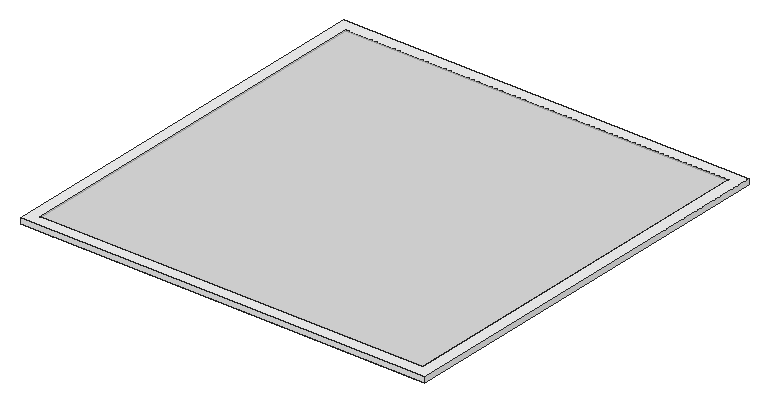
Revit family "0044656", category Lighting Fixtures, host Face, Revit 2023
Family settings
  Host = Face
  Round Connector Dimension = Use Diameter
  Part Type = Normal
  OmniClass Number = 23.80.70.00
  OmniClass Title = Lighting
  Cut with Voids When Loaded = No
  Light Source = Yes
  Maintain Annotation Orientation = No
  Shared = No
  Room Calculation Point = No
Parameters (values of type "START PANEL UGR19 600X600 3800 830")
  Weight = "1.902"
  Wattage Comments = ""
  Wattage = 30 W
  WarrantyStartDate [instance] = "n/a"
  WarrantyGuarantorParts = "n/a"
  WarrantyDurationUnit = "Years"
  WarrantyDurationParts = "5"
  WarrantyDescription = "http://www.sylvania-group.com"
  built-in parameter 1150110 = 1 (stored number, unit not read)
  Voltage = 230 V
  URL = "http://www.sylvania-group.com"
  TypeName = "START Panel IP40 UGR19 600x600"
  Type Image = <None>
  Type IFC Predefined Type = "IfcLightFixtureType"
  Type Comments = "n/a"
  built-in parameter 1114217 = 1 (stored number, unit not read)
  Tilt Angle = -90.00°
  built-in parameter 1150109 = 1 (stored number, unit not read)
  built-in parameter 1150134 = (empty or 0)
  built-in parameter 1150113 = 1 (stored number, unit not read)
  SerialNumber [instance] = "n/a"
  Photometric Web File = "0044656.IES"
  Material_3_SYL = none
  PowerFactor = 0.9
  PowerConsumption = "30 W"
  NominalLength = 595 mm
  NominalHeight = 25 mm
  NominalDepth = 595 mm
  Name = "START PANEL UGR19 600X600 3800 830"
  ModelReference = Name  # "START PANEL UGR19 600X600 3800 830"
  ModelNumber = "0044656"
  Model = Name  # "START PANEL UGR19 600X600 3800 830"
  Material = "Steel"
  ManufacturerName = Manufacturer  # "Feilo Sylvania"
  Manufacturer = "Feilo Sylvania"
  LuminousEfficacy = "127 lm/W"
  built-in parameter 1150105 = 303.19 (stored number, unit not read)
  Lumens = 3810 lm
  LuminaireType = "Ceiling recessed mounting,Suspended"
  built-in parameter 1150115 = 1 (stored number, unit not read)
  LightOutputRatio = ""
  built-in parameter 1150137 = (empty or 0)
  built-in parameter 1150139 = (empty or 0)
  LampsType = Lamp  # "LED"
  LampNominalLuminous = "3800"
  LampMacAdamStep = "3"
  LampColourTemperature = "3000 K"
  LampColourRenderingIndex = "80"
  built-in parameter 1150112 = 1 (stored number, unit not read)
  built-in parameter 1150114 = 1 (stored number, unit not read)
  Lamp = "LED"
  Keynote = "16500"
  InstallationDate [instance] = "n/a"
  InputVoltage = "220-240 V"
  InputNominalFrequency = "50/60Hz"
  built-in parameter 1150132 = (empty or 0)
  built-in parameter 1150102 = (empty or 0)
  built-in parameter 1150107 = 3000 (stored number, unit not read)
  built-in parameter 1150138 = (empty or 0)
  IngressProtection = "IP40/20"
  ImpactProtectionIndex = "IK03"
  built-in parameter 1150106 = 3.0319 (stored number, unit not read)
  IfcExportType = "IfcLightFixtureType"
  IfcExportAs = "IfcLightFixtureType"
  Export Type to IFC As = "IfcLightFixtureType"
  Emit from Rectangle Width = 563 mm  # constant formula
  Emit from Rectangle Length = 563 mm  # constant formula
  Emit Shape Visible in Rendering = no
  EmergencyLight = no
  ElectricShockClassification = "Class II"
  built-in parameter 1150104 = 11.799 (stored number, unit not read)
  DocumentationLiterature = "https://www.sylvania-lighting.com/product/en-int/products/item code/0044656/"
  DimmingControlOptions = "Switched"
  Material_2_SYL = Polystyrene_3000K
  Dimming Lamp Color Temperature Shift = <None>
  Description = "LED Panel with backlit technology, ideal for general indoor lighting applications such as breakout areas, offices and meeting rooms. Extruded aluminium frame, passive cooling. Low glaring UGR<19. RG0, 90 degree beam angle , optical system: PS diffuser with Prismatic finish. Light color temperature: 3000K Warm White, total system power: 30W , total fixture output: 3800lm, efficacy: 127 lm/W, Ra80 typical, LED chromacity: 3 step MacAdam ellipse (SDCM3), lifespan: 100,000 hours at 70% of the original output (L70B50), IR/UV free light source without heat radiation, operating voltage: 220-240V / 50-60Hz, low flicker, non dimmable driver, electrical protection: Class II. Degree of Protection: IP40/IP20, suitable for indoor environment only. Nominal size: 595x595mm, Loop in / loop out wiring, saftey cables & quick connector included, 26mm nominal height, White color frame, weight: 1,87Kg."
  Default Elevation = 1219.2 mm
  CreatedOn = "11/10/2024"
  CreatedBy = "petra.pavlicz@sylvania-lighting.com"
  Cost = 0
  Color Filter = 16777215
  built-in parameter 1114216 [instance] = (empty or 0)
  ClassificationValue = "EF_70_80"
  ClassificationName = "Uniclass2015"
  Material_1_SYL = Steel_RAL9003_White
  BarCode [instance] = "n/a"
  built-in parameter 1114218 = 1 (stored number, unit not read)
  built-in parameter 1150133 = 10 (stored number, unit not read)
  AssetType = "Fixed"
  AssetIdentifier [instance] = "n/a"
  Assembly Code = "D5020200"
  Material_4_SYL = none
  Apparent Load = 33.3 VA
Reference planes
  plane 1 "Center (Front/Back)": y = 0
  plane 2: z = 0
  plane 3 "Center (Left/Right)": x = 0
  plane 4 "Back": y = 297.5
  plane 5 "Front": y = -297.5
  plane 6 "Left": x = -297.5
  plane 7 "Right": x = 297.5
  plane 8 "Top": z = 8
  plane 9 "Bottom": z = -17
  plane 10: x = 264.5
  plane 11: x = -281.428
  plane 12: y = 281.543
  plane 13: y = -281.457
  plane 14: y = -273.457
  plane 15: y = 273.543
  plane 16: x = -273.41
  plane 17: x = 273.572
  plane 18: x = 281.572
  plane 19: y = 266.543
  plane 20: x = -267.428
  plane 21: y = -266.457
  plane 22: x = 266.572
Forms (mm)
  Extrusion 1, solid, material "Steel_RAL9003_White" <- "Material_1_SYL", detail levels medium+fine
    sketch origin (0.072, 0.043, 0) x (1, 0, 0) y (0, 1, 0)
      loop
        line (-297.572, 297.457) -> (-297.572, -297.543) -> (297.428, -297.543) -> (297.428, 297.457) -> (-297.572, 297.457)
    from 0 to 8
  Extrusion 2, void
    sketch origin (0.072, 0.043, 0) x (1, 0, 0) y (0, 1, 0)
      loop
        line (-281.5, 281.5) -> (-281.5, -281.5) -> (281.5, -281.5) -> (281.5, 281.5) -> (-281.5, 281.5)
    from 8 to 6.494
  Extrusion 3, solid, material "Polystyrene_3000K" <- "Material_2_SYL", detail levels medium+fine
    sketch origin (0.072, 0.043, 0) x (1, 0, 0) y (0, 1, 0)
      loop
        line (-281.5, 281.5) -> (-281.5, -281.5) -> (281.5, -281.5) -> (281.5, 281.5) -> (-281.5, 281.5)
    from 8 to 6.494
  Extrusion 4, solid, material "Steel_RAL9003_White" <- "Material_1_SYL", detail levels coarse
    sketch origin (0.072, 0.043, 0) x (1, 0, 0) y (0, 0, 1)
      loop
        line (-297.572, 8) -> (-297.572, -17) -> (297.428, -17) -> (297.428, 8) -> (-297.572, 8)
    from -297.457 to 297.543
  Extrusion 5, void
    sketch origin (0.072, 0.043, 0) x (1, 0, 0) y (0, 1, 0)
      loop
        line (-281.5, 281.5) -> (-281.5, -281.5) -> (281.5, -281.5) -> (281.5, 281.5) -> (-281.5, 281.5)
    from 8 to 6.494
  Blend 6, solid, material "Steel_RAL9003_White" <- "Material_1_SYL", detail levels medium+fine
    base sketch origin (0.072, 0.043, 0) x (1, 0, 0) y (0, 1, 0)
      loop
        line (-281.5, 266.5) -> (-281.5, -266.5)
        arc (-281.5, -266.5) -> (-277.466, -276.768) -> (-267.5, -281.5) r 15
        line (-267.5, -281.5) -> (266.5, -281.5)
        arc (266.5, -281.5) -> (277.107, -277.107) -> (281.5, -266.5) r 15
        line (281.5, -266.5) -> (281.5, 266.5)
        arc (281.5, 266.5) -> (277.107, 277.107) -> (266.5, 281.5) r 15
        line (266.5, 281.5) -> (-267.5, 281.5)
        arc (-267.5, 281.5) -> (-277.466, 276.768) -> (-281.5, 266.5) r 15
    top sketch origin (0.072, 0.043, 0) x (1, 0, 0) y (0, 1, 0)
      loop
        line (-273.482, 266.5) -> (-273.482, -266.5)
        arc (-273.482, -266.5) -> (-271.692, -271.026) -> (-267.5, -273.5) r 7.5
        line (-267.5, -273.5) -> (266.5, -273.5)
        arc (266.5, -273.5) -> (271.319, -271.319) -> (273.5, -266.5) r 7.5
        line (273.5, -266.5) -> (273.5, 266.5)
        arc (273.5, 266.5) -> (271.319, 271.319) -> (266.5, 273.5) r 7.5
        line (266.5, 273.5) -> (-267.5, 273.5)
        arc (-267.5, 273.5) -> (-271.692, 271.026) -> (-273.482, 266.5) r 7.5
    from 0 to -17
Cuts and joins
  Extrusion 5 cuts Extrusion 1
Dimensions and locks
  "NominalDepth": plane 4 "Back" to plane 5 "Front"
  equal spacing: plane 4 "Back", plane 1 "Center (Front/Back)", plane 5 "Front"
  "NominalLength": plane 6 "Left" to plane 7 "Right"
  equal spacing: plane 6 "Left", plane 3 "Center (Left/Right)", plane 7 "Right"
  "NominalHeight": plane 8 "Top" to plane 9 "Bottom"
  locked: plane 8 "Top" to plane 2 at 8
  locked: plane 11 to plane 18 at 563
  plane 11 to plane 3 "Center (Left/Right)" to plane 18 = 281.428 mm, 281.572 mm
  locked: plane 12 to plane 13 at 563
  aligned and locked: plane 2 to host face
  aligned and locked: level to host face
  aligned and locked: plane 8 "Top" to Extrusion 1
  aligned and locked: plane 9 "Bottom" to Extrusion 4
  aligned and locked: plane 8 "Top" to Extrusion 4
  aligned and locked: Extrusion 4 to plane 6 "Left"
  aligned and locked: plane 7 "Right" to Extrusion 4
  aligned and locked: plane 4 "Back" to Extrusion 4
  aligned and locked: Extrusion 1 to Extrusion 4
  aligned and locked: Extrusion 4 to plane 5 "Front"
  aligned and locked: Extrusion 4 to Extrusion 1
  aligned and locked: Extrusion 5 to Extrusion 2
  aligned and locked: Extrusion 5 to plane 11
  aligned and locked: plane 7 "Right" to Extrusion 1
  aligned and locked: Extrusion 1 to plane 6 "Left"
  aligned and locked: Extrusion 1 to plane 2
  aligned and locked: Extrusion 1 to Extrusion 2
  aligned and locked: plane 4 "Back" to Extrusion 1
  aligned and locked: Extrusion 1 to plane 5 "Front"
  aligned and locked: plane 2 to Blend 6
  aligned and locked: Blend 6 to plane 9 "Bottom"
  aligned and locked: plane 8 "Top" to imposter light
  aligned and locked: plane 12 to cut or joined group of Extrusion 1, Extrusion 5
  aligned and locked: cut or joined group of Extrusion 1, Extrusion 5 to plane 11
  aligned and locked: Blend 6 to plane 15
  aligned and locked: plane 16 to Blend 6
  aligned and locked: plane 18 to cut or joined group of Extrusion 1, Extrusion 5
  aligned and locked: Blend 6 to plane 17
  aligned and locked: cut or joined group of Extrusion 1, Extrusion 5 to plane 13
  aligned and locked: plane 14 to Blend 6
Automatic sketch dimensions
  host sketch curve to host sketch curve = 2438.4 mm  (x2)
  Extrusion 1 sketch curve to plane 6 "Left" = 0 mm
  Extrusion 1 sketch curve to plane 7 "Right" = 0 mm
  plane 5 "Front" to Extrusion 1 sketch curve = 0 mm
  plane 4 "Back" to Extrusion 1 sketch curve = 0 mm
  Extrusion 2 sketch curve to plane 11 = 0 mm
  Extrusion 2 sketch curve to plane 13 = 0 mm
  Extrusion 2 sketch curve to plane 18 = 0 mm
  Extrusion 2 sketch curve to plane 12 = 0 mm
  Extrusion 3 sketch curve to plane 11 = 0 mm
  Extrusion 3 sketch curve to plane 13 = 0 mm
  Extrusion 3 sketch curve to plane 18 = 0 mm
  Extrusion 3 sketch curve to plane 12 = 0 mm
  Extrusion 4 sketch curve to plane 6 "Left" = 0 mm
  Extrusion 4 sketch curve to plane 7 "Right" = 0 mm
  Extrusion 4 sketch curve to plane 9 "Bottom" = 0 mm
  Extrusion 4 sketch curve to plane 8 "Top" = 0 mm
  Extrusion 5 sketch curve to plane 11 = 0 mm
  Extrusion 5 sketch curve to plane 13 = 0 mm
  Extrusion 5 sketch curve to plane 18 = 0 mm
  Extrusion 5 sketch curve to plane 12 = 0 mm
  Blend 6 sketch curve to plane 19 = 0 mm  (x4)
  plane 11 to Blend 6 sketch curve = 0 mm
  Blend 6 sketch curve to plane 13 = 0 mm
  plane 20 to Blend 6 sketch curve = 0 mm  (x4)
  Blend 6 sketch curve to plane 12 = 0 mm
  Blend 6 sketch curve to plane 21 = 0.033 mm
  Blend 6 sketch curve to Blend 6 sketch curve = 15 mm
  plane 19 to Blend 6 sketch curve = 0.033 mm
  Blend 6 sketch curve to plane 21 = 0 mm
  plane 22 to Blend 6 sketch curve = 0 mm  (x3)
  plane 16 to Blend 6 sketch curve = 0 mm
  Blend 6 sketch curve to plane 14 = 0 mm
  Blend 6 sketch curve to plane 15 = 0 mm
  plane 21 to Blend 6 sketch curve = 0.346 mm
  Blend 6 sketch curve to Blend 6 sketch curve = 7.492 mm
  Blend 6 sketch curve to plane 19 = 0.346 mm
  Blend 6 sketch curve to plane 22 = 0.484 mm  (x2)
  plane 21 to Blend 6 sketch curve = 0.484 mm
  Blend 6 sketch curve to Blend 6 sketch curve = 7.484 mm
Connectors
  electrical at (0, 0, -17), driven by "Apparent Load", driven by "PowerFactor", driven by "Voltage"
    settings: index 1, voltage 230 V, apparent load 33.3 VA, apparent load phase1 0 VA, apparent load phase2 0 VA, apparent load phase3 0 VA, power factor 0.9, load classification "Lighting", number of poles 1, system type 30, power factor state 1, is connector primary yes, connector utility no, sub classification motor no, connector description ""
